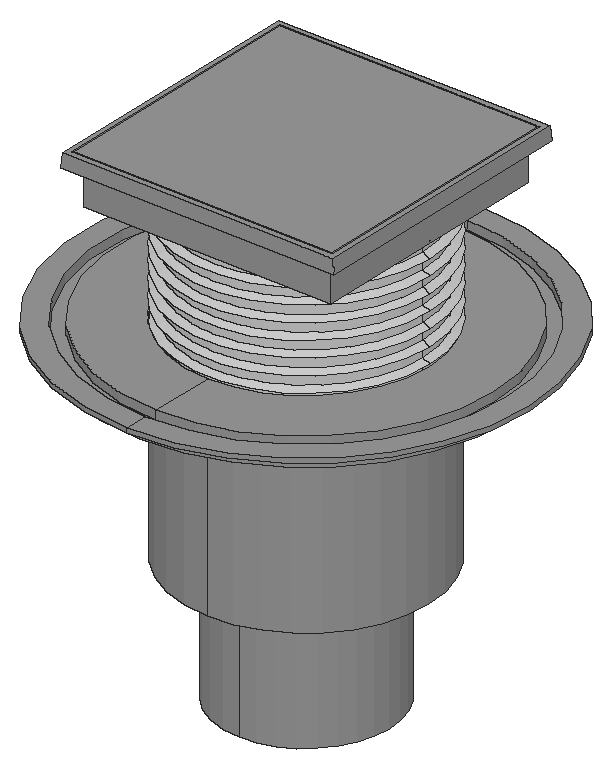
Revit family "_02HL_RU_Floor drain_HL310N-3000", category Instalační zařizovací předměty, Revit 2021
Family settings
  Kóta kulaté spojky = Použít průměr
  Typ dílu = Normální
  Číslo OmniClass = 23.70.50.21.24.14
  Nadpis OmniClass = Deck Waste Water Drains
  Založené na pracovní rovině = Ne
  Vždy vertikální = Ano
  Ořezat dutým tvarem při načtení = Ne
  Sdílené = Ano
  Bod výpočtu místnosti = Ano
Parameters (values of type "HL310N-3000")
  РЕШЁТКА = "115 x 115 mm / V2A"
  РАЗМЕР = "DN50/75/110"
  ПРОПУСКНАЯ СПОСОБНОСТЬ = 0.67 L/s
  ПРОИЗВОДИТЕЛЬНОСТЬ = "0,67 l/s"
  ПРАВОВАЯ ИНФОРМАЦИЯ = "Авторские права(©), права на дизайн или какие либо другие права интелектуальной собственности являются исключительной собственностью компании HL Hutterer & Lechner. Изменению не подлежит. Файл семейства с данными о прозводителе изделия защищен паролем с водяным знаком."  # constant formula
  Нормы = ""
  НОМИНАЛЬНЫЙ ДИАМЕТР [instance] = 75 mm
  НАСАДКА = "10-80 mm / 121 x 121mm / PP-V2A"
  МАТЕРИАЛ = "PE"
  МАКСИМАЛЬНАЯ НАГРУЗКА КЛАССА = "K3 - 300 kg"
  ВЫСОТА МОНТАЖА = "154 mm"
  ВЕС = "0,71 [kg]"
  EAN = "9003076016327"
  Výchozí výška = 0 mm
  DN_Test [instance] = if(or(НОМИНАЛЬНЫЙ ДИАМЕТР = 50 mm, НОМИНАЛЬНЫЙ ДИАМЕТР = 75 mm, НОМИНАЛЬНЫЙ ДИАМЕТР = 110 mm), 30 mm, 0 mm)  # 30 mm
  Přípoj ventilace = no
  Výrobce = "HL Hutterer & Lechner GmbH"  # constant formula
  URL = "http://www.hutterer-lechner.com/ru/Products/catalog/floor-drains/attachments/HL310N-3000.aspx"
  Přípoj odpadních dílů = yes
  Přípoj HW = no
  Popis = "Трап для внутренних помещений"
  Model = "HL310N-3000"
  Komentáře k typům = "HL310N-3000 Трап для внутренних помещений DN50/75/110 вертикальный с запахозапирающим устройством, 121х121мм KLICK-KLACK /115х115мм"
  Keynote = "HL310N-3000"
  Высота монтажа [instance] = 222.396 mm
  Přípoj CW = no
  B [instance] = if(НОМИНАЛЬНЫЙ ДИАМЕТР = 110 mm, Высота монтажа - 56 mm, Высота монтажа)  # 222.396 mm
  A [instance] = if(B - 100 mm > 15 mm, B - 100 mm, 15 mm)  # 122.396 mm
Reference planes
  plane 1 "Center (Front/Back)": y = 0
  plane 2: z = 0
  plane 3 "Center (Left/Right)": x = 0
  plane 4 "Ball Joint Vertical": x = 25.45
  plane 5: z = -222.396
  plane 6: z = -222.396
Lines and regions (mm)
  model lines, style "InvisibleLines"
    curve 1: line (0, 0, 0) -> (0, 0, 1000)
  reference lines
    curve 2: line (0, 0, 0) -> (0, 0, -222.396)
  model lines, detail levels coarse+medium
    curve 3: line (0, 0, -222.396) -> (0, 0, -100)
    curve 4: line (0, 0, -100) -> (100, 0, 0)
    curve 5: line (0, 0, -100) -> (-100, 0, 0)
  symbolic lines, detail levels coarse+medium
    curve 6: line (-75, -75, 0) -> (75, -75, 0)
    curve 7: line (-75, 75, 0) -> (-75, -75, 0)
    curve 8: line (75, 75, 0) -> (-75, 75, 0)
    curve 9: line (75, -75, 0) -> (75, 75, 0)
    curve 10: line (75, 75, 0) -> (145.711, 145.711, 0)
    curve 11: line (75, -75, 0) -> (145.711, -145.711, 0)
    curve 12: line (-75, -75, 0) -> (-145.711, -145.711, 0)
    curve 13: line (-75, 75, 0) -> (-145.711, 145.711, 0)
  symbolic lines, not visible, detail levels coarse+medium
    curve 14: line (-75, -75, 0) -> (75, -75, 0)
    curve 15: line (-75, 75, 0) -> (-75, -75, 0)
    curve 16: line (75, 75, 0) -> (-75, 75, 0)
    curve 17: line (75, -75, 0) -> (75, 75, 0)
    curve 18: line (75, 75, 0) -> (145.711, 145.711, 0)
    curve 19: line (75, -75, 0) -> (145.711, -145.711, 0)
    curve 20: line (-75, -75, 0) -> (-145.711, -145.711, 0)
    curve 21: line (-75, 75, 0) -> (-145.711, 145.711, 0)
  symbolic lines, style "InvisibleLines", not visible
    curve 22: line (0, 0, 0) -> (0, 0, -30)
Text (mm)
  text "FLOOR" at (-198.233, 0, -26.556), in view "вид строительства"
Dimensions and locks
  locked: plane 4 "Ball Joint Vertical" to plane 3 "Center (Left/Right)" at 25.45
  "Высота монтажа": plane 2 to plane 5
  "A": curve 5 to plane 6
  "B": curve 5 to plane 6
  "B": curve 4 to plane 6
  "B": plane 2 to plane 6
  "DN_Test": plane 2 to curve 22
  plane 2 to nested 2 = 71.396 mm
  locked: curve 4 to plane 3 "Center (Left/Right)" (angle 45.00°)
  locked: plane 3 "Center (Left/Right)" to curve 5 (angle 45.00°)
  aligned and locked: level to plane 2
  aligned and locked: plane 2 to curve 1
  aligned and locked: plane 3 "Center (Left/Right)" to curve 1
  aligned and locked: plane 3 "Center (Left/Right)" to curve 2
  aligned and locked: plane 3 "Center (Left/Right)" to curve 3
  aligned and locked: plane 3 "Center (Left/Right)" to curve 5
  aligned and locked: plane 2 to curve 2
  aligned and locked: plane 6 to curve 2
  aligned and locked: plane 6 to curve 3
  aligned and locked: plane 5 to nested 2  (x2)
Automatic sketch dimensions
  level to curve 1 = 1000 mm
Nested families
  nested 1: "HL-Насадка-HL3200" at (0, 0, 0), type "HL3200_Main Component"
    with Высота монтажа 80 mm, RN 13, RL 84.5 mm, R yes, NL_Test yes, NL 100 mm
  nested 2: "HL-Корпус для трапа внутренних помещений-HL310K" at (0, 0, -71.396), type "HL310K_Main Component"
  nested 3: "HL-Вкладыш сифона-HL0510.7EKK" at (0, 0, -6.3), type "HL0510.7EKK_Main Component"
  nested 4: "HL_Решётка_HL037Pr.1E" at (0, 0, 0), type "HL037Pr.1E_Main Component"
Connectors
  piping at (0, 0, -222.396), diameter 75, driven by "ПРОПУСКНАЯ СПОСОБНОСТЬ", driven by "НОМИНАЛЬНЫЙ ДИАМЕТР"
    settings: on curve 2, index 1, connector inside diameter 609.6 mm, connector length 0 mm, flow factor 0, pipe flow 0.67 L/s, pressure drop 0.0 Pa, fitting loss kfactor 0, connector angle 0.00°, fixture units 0, engagement length 0 mm, angle of deflection 0.00°, flow configuration 1, flow direction 2, fitting loss method 0, system type 16, joint type 0, gender type 0, connector reference index -1, connector utility 0, adjustable connector no, is connector primary yes, connector description ""
Definition of nested family "HL-Насадка-HL3200"
  Parameters (values of type "HL3200")
    РАЗМЕР = "d 110 mm"
    ПРАВОВАЯ ИНФОРМАЦИЯ = "Авторские права(©), права на дизайн или какие либо другие права интелектуальной собственности являются исключительной собственностью компании HL Hutterer & Lechner. Изменению не подлежит. Файл семейства с данными о прозводителе изделия защищен паролем с водяным знаком."  # constant formula
    НАСАДКА = "121 x 121 mm"
    МАТЕРИАЛ = "PP-V2A"
    Высота монтажа [instance] = 80 mm
    ВЫСОТА МОНТАЖА = "10 - 80 mm"
    ВЕС = "0,13 [kg]"
    Waste Connection = yes
    Default Elevation = 0 mm
    Vent Connection = no
    RD = 6.5 mm  # constant formula
    R [instance] = ((Высота монтажа - NL_Min) / RD - 1) > 2  # yes
    RL [instance] = if(Высота монтажа < 26 mm, 1 mm, RD * RN)  # 84.5 mm
    NL_Test [instance] = and(or(Высота монтажа < NL_Max, Высота монтажа = NL_Max), or(Высота монтажа > NL_Min, Высота монтажа = NL_Min))  # yes
    NL_Min = 10 mm
    NL_Max = 80 mm
    NL [instance] = if(NL_Test, Высота монтажа + 20 mm, 0 mm)  # 100 mm
    RN [instance] = if((Высота монтажа + 20 mm - NL_Min) / RD - 1 < 2, 2, (Высота монтажа + 20 mm - NL_Min) / RD - 1)  # 13
    Manufacturer = "HL Hutterer & Lechner GmbH"  # constant formula
    URL = "http://www.hutterer-lechner.com/ru/Products/catalog/floor-drains/attachments/HL3200.aspx"
    HW Connection = no
    Description = "Трапы для внутренних помещений - Комплектующие"
    Model = "HL3200"
    Type Comments = "HL3200 Насадные подрамники d 110/подрамники из нержавеющей стали (V2A) 121х121мм с О-кольцом. Система \"KLICK-KLACK\""
    Keynote = "HL3200"
    EAN = "9003076015399"
    CW Connection = no
  Reference planes
    plane 1 "Center (Front/Back)": y = 0
    plane 2: z = 0
    plane 3 "Center (Left/Right)": x = 0
    plane 4 "Ball Joint Vertical": x = 25.45
    plane 5: z = -100
  Forms (mm)
    Sweep 1, solid, detail levels fine
      path origin (0, 0, 0) x (1, 0, 0) y (0, 1, 0)
        loop
          line (-60.806, 60.806) -> (-60.806, -60.806) -> (60.806, -60.806) -> (60.806, 60.806) -> (-60.806, 60.806)
      profile origin (0, 60.806, 0) x (0, 1, 0) y (0, 0, 1)
        loop
          line (-2.806, 0) -> (-2.806, -5.3) -> (-6.306, -5.3) -> (-6.306, -8.3) -> (-9.767, -8.3) -> (-9.767, -21.997) -> (-5.806, -21.997) -> (-5.806, -6) -> (0, -6) -> (-0.525, 0) -> (-2.806, 0)
    Extrusion 2, solid, detail levels fine
      sketch origin (0, 0, 0) x (1, 0, 0) y (0, 1, 0)
        loop
          circle (0, 0) r 50
        loop
          line (-51.039, 51.039) -> (-51.039, -51.039) -> (51.039, -51.039) -> (51.039, 51.039) -> (-51.039, 51.039)
      from -19 to -21.997
    Revolve 3, solid, detail levels fine
      sketch origin (0, 0, 0) x (1, 0, 0) y (0, 0, 1)
        loop
          line (50, -21.997) -> (50, -100) -> (51.861, -100) -> (51.861, -21.997) -> (50, -21.997)
        axis (0, -21.997) -> (0, -100)
      angle from 0 to 360
  Lines and regions (mm)
    symbolic lines
      curve 1: line (0, 0, -100) -> (0, 0, 0)
    model lines
      curve 2: line (0, 0, 0) -> (0, 0, 100)
  Text (mm)
    text "ROOF/FLOOR" at (-198.233, 0, -26.556), in view "Drain Construction View"
  Dimensions and locks
    locked: plane 4 "Ball Joint Vertical" to plane 3 "Center (Left/Right)" at 25.45
    "NL": plane 2 to plane 5
    equal spacing: group 1, group 3, group 4, group 5, group 6, group 7, group 8, group 9, group 10, group 11, group 12, group 13, group 2  (x3)
    "RL": nested 2 to nested 1
    locked: nested 1 to plane 5 at 1.516
    aligned and locked: level to plane 2
    aligned and locked: plane 3 "Center (Left/Right)" to nested 1
    aligned and locked: plane 1 "Center (Front/Back)" to nested 1
    aligned and locked: plane 2 to curve 1
    aligned and locked: plane 5 to curve 1
    aligned and locked: Sweep 1 to Revolve 3 sketch curve
    aligned and locked: plane 5 to Revolve 3 sketch curve
  Automatic sketch dimensions
    Sweep 1 sketch curve to plane 3 "Center (Left/Right)" = 60.806 mm
    plane 4 "Ball Joint Vertical" to Sweep 1 sketch curve = 35.356 mm
    plane 1 "Center (Front/Back)" to Sweep 1 sketch curve = 60.806 mm
    Sweep 1 sketch curve to plane 1 "Center (Front/Back)" = 60.806 mm
    Sweep 1 sketch curve to profile plane = 0 mm  (x2)
    profile plane to Sweep 1 sketch curve = 0.525 mm
    Sweep 1 sketch curve to Sweep 1 sketch curve = 2.281 mm
    Sweep 1 sketch curve to Sweep 1 sketch curve = 3 mm  (x2)
    Sweep 1 sketch curve to Sweep 1 sketch curve = 0.5 mm
    Sweep 1 sketch curve to Sweep 1 sketch curve = 3.461 mm
    Sweep 1 sketch curve to profile plane = 5.3 mm
    Sweep 1 sketch curve to Sweep 1 sketch curve = 0.7 mm
    Sweep 1 sketch curve to Sweep 1 sketch curve = 13.697 mm
    plane 1 "Center (Front/Back)" to Extrusion 2 sketch curve = 0 mm
    Extrusion 2 sketch curve to plane 3 "Center (Left/Right)" = 0 mm
    Extrusion 2 sketch curve to plane 3 "Center (Left/Right)" = 51.039 mm
    plane 4 "Ball Joint Vertical" to Extrusion 2 sketch curve = 25.589 mm
    plane 1 "Center (Front/Back)" to Extrusion 2 sketch curve = 51.039 mm
    Extrusion 2 sketch curve to plane 1 "Center (Front/Back)" = 51.039 mm
    Revolve 3 sketch curve to plane 3 "Center (Left/Right)" = 0 mm
    plane 4 "Ball Joint Vertical" to Revolve 3 sketch curve = 24.55 mm
    Revolve 3 sketch curve to Revolve 3 sketch curve = 1.861 mm
    Revolve 3 sketch curve to level = 13.456 mm
    level to Revolve 3 sketch curve = 16.544 mm
    curve 2 to plane 3 "Center (Left/Right)" = 0 mm
    level to curve 2 = 100 mm
    radius of Extrusion 2 sketch curve = 50 mm
  Nested families
    nested 1: "Ring" at (0, 0, -98.484), visible <- "R", type "Ring"
    nested 2: "Ring" at (0, 0, -13.984), visible <- "R", type "Ring"
    nested 3: "Ring" at (0, 0, -91.442), visible <- "R", type "Ring"
    nested 4: "Ring" at (0, 0, -84.401), visible <- "R", type "Ring"
    nested 5: "Ring" at (0, 0, -77.359), visible <- "R", type "Ring"
    nested 6: "Ring" at (0, 0, -70.317), visible <- "R", type "Ring"
    nested 7: "Ring" at (0, 0, -63.276), visible <- "R", type "Ring"
    nested 8: "Ring" at (0, 0, -56.234), visible <- "R", type "Ring"
    nested 9: "Ring" at (0, 0, -49.192), visible <- "R", type "Ring"
    nested 10: "Ring" at (0, 0, -42.151), visible <- "R", type "Ring"
    nested 11: "Ring" at (0, 0, -35.109), visible <- "R", type "Ring"
    nested 12: "Ring" at (0, 0, -28.067), visible <- "R", type "Ring"
    nested 13: "Ring" at (0, 0, -21.026), visible <- "R", type "Ring"
  Definition of nested family "Ring"
    Parameters (values of type "Ring")
      Manufacturer = ""
      Default Elevation = 0 mm
      URL = ""
      R = D / 2  # 51.5 mm
      Description = ""
      Model = ""
      Material = none
      Type Comments = ""
      D = 103 mm
      Cost = 0
    Reference planes
      plane 1 "Střed (vpředu/vzadu)": y = 0
      plane 2: z = 0
      plane 3 "Střed (vlevo/vpravo)": x = 0
    Forms (mm)
      Revolve 1, solid, material <- "Material", detail levels fine
        sketch origin (0, 0, 0) x (1, 0, 0) y (0, 0, 1)
          loop
            line (-51.5, 1.482) -> (-54.764, 0) -> (-51.5, -1.516) -> (-51.5, 1.482)
          axis (0, 1.482) -> (0, -1.516)
        angle from 0 to 360
    Dimensions and locks
      "R": Revolve 1 sketch curve to plane 3 "Střed (vlevo/vpravo)"
      aligned and locked: level to plane 2
      aligned and locked: Revolve 1 sketch curve to plane 3 "Střed (vlevo/vpravo)"
    Automatic sketch dimensions
      Revolve 1 sketch curve to level = 0 mm
      Revolve 1 sketch curve to Revolve 1 sketch curve = 3.264 mm
      Revolve 1 sketch curve to level = 1.516 mm
      level to Revolve 1 sketch curve = 1.482 mm
      Revolve 1 sketch curve to level = 381 mm
      Revolve 1 sketch curve to Revolve 1 sketch curve = 2212.833 mm
Definition of nested family "HL-Корпус для трапа внутренних помещений-HL310K"
  Parameters (values of type "HL310K")
    РАЗМЕР = "DN50/75/110"
    ПРАВОВАЯ ИНФОРМАЦИЯ = "Авторские права(©), права на дизайн или какие либо другие права интелектуальной собственности являются исключительной собственностью компании HL Hutterer & Lechner. Изменению не подлежит. Файл семейства с данными о прозводителе изделия защищен паролем с водяным знаком."  # constant formula
    МАТЕРИАЛ = "PP"
    ВЫСОТА МОНТАЖА = "148 mm"
    ВЕС = "0,173 [kg]"
    Waste Connection = yes
    Default Elevation = 0 mm
    Vent Connection = no
    Manufacturer = "HL Hutterer & Lechner GmbH"  # constant formula
    URL = "https://www.hutterer-lechner.com/ru/products/catalog/Floor-drains/vertical/flange/HL310K.aspx"
    Assembly Code = ""
    HW Connection = no
    Description = "Трап для внутренних помещений"
    Model = "HL310K"
    Type Comments = "Корпус трапа для внутренних помещений DN50/75/110 вертикальный"
    Keynote = "HL310K"
    EAN = "9003076001781"
    CW Connection = no
  Reference planes
    plane 1 "Center (Front/Back)": y = 0
    plane 2: z = 0
    plane 3 "Center (Left/Right)": x = 0
    plane 4 "Ball Joint Vertical": x = 25.45
  Forms (mm)
    Revolve 1, solid, detail levels fine
      sketch origin (0, 0, 0) x (0, 1, 0) y (0, 0, 1)
        loop
          line (55.057, 0) -> (55.057, -20) -> (52.707, -20) -> (52.707, -92.996) -> (22.706, -92.996) -> (22.706, -95.159) -> (22.706, -151) -> (24.707, -151) -> (24.707, -95.159) -> (35.206, -95.159) -> (35.206, -151) -> (37.207, -151) -> (37.207, -95) -> (54.705, -95) -> (54.705, -24) -> (58.059, -24) -> (58.059, -7.5) -> (92.707, -7.5) -> (92.707, -2) -> (99.706, -2) -> (99.706, 0) -> (89.707, 0) -> (89.707, -4) -> (83.707, -4) -> (83.707, 0) -> (55.057, 0)
        axis (0, 0) -> (0, -151)
      angle from 0 to 360
  Text (mm)
    text "ROOF/FLOOR" at (-198.233, 0, -26.556), in view "вид строительства"
  Dimensions and locks
    locked: plane 4 "Ball Joint Vertical" to plane 3 "Center (Left/Right)" at 25.45
    aligned and locked: level to plane 2
Definition of nested family "HL-Вкладыш сифона-HL0510.7EKK"
  Parameters (values of type "HL0510.7EKK")
    ПРАВОВАЯ ИНФОРМАЦИЯ = "Авторские права(©), права на дизайн или какие либо другие права интелектуальной собственности являются исключительной собственностью компании HL Hutterer & Lechner. Изменению не подлежит. Файл семейства с данными о прозводителе изделия защищен паролем с водяным знаком."  # constant formula
    МАТЕРИАЛ = "PP"
    ВЕС = "0,08 [kg]"
    Waste Connection = yes
    Default Elevation = 0 mm
    Vent Connection = no
    Manufacturer = "HL Hutterer & Lechner GmbH"  # constant formula
    URL = "http://www.hutterer-lechner.com/ru/products/catalog/floor-drains/attachments/HL0510.7ekk.aspx"
    HW Connection = no
    Description = "Трапы для внутренних помещений - Комплектующие"
    Model = "HL0510.7EKK"
    Type Comments = "HL0510.7EKK Вкладыш запахозапирающий комплектный для системы \"KLICK-KLACK\""
    Keynote = "HL0510.7EKK"
    EAN = "9003076015832"
    CW Connection = no
  Reference planes
    plane 1 "Center (Front/Back)": y = 0
    plane 2: z = 0
    plane 3 "Center (Left/Right)": x = 0
    plane 4 "Ball Joint Vertical": x = 25.45
  Forms (mm)
    Revolve 1, solid, detail levels fine
      sketch origin (0, 0, 0) x (0, 1, 0) y (0, 0, 1)
        loop
          line (53, 0) -> (45, 0) -> (45, -26.014) -> (43.906, -33.62) -> (43.1, -33.62) -> (43.1, -68.2) -> (20, -68.2) -> (20, -11) -> (18.2, -11) -> (18.2, -70) -> (45, -70) -> (45, -36) -> (48.9, -36) -> (48.9, -14) -> (49.7, -14) -> (49.7, -2) -> (53, -2) -> (53, 0)
        loop
          line (36.005, -61) -> (36.005, -2)
          arc (36.005, -2) -> (35.419, -0.586) -> (34.005, 0) r 2
          line (34.005, 0) -> (0, 0) -> (0, -1.8) -> (34.207, -1.8) -> (34.207, -61) -> (36.005, -61)
        axis (0, 0) -> (0, -70)
      angle from 0 to 360
    Extrusion 2, solid, detail levels fine
      sketch origin (0, 0, 0) x (1, 0, 0) y (0, 1, 0)
        loop
          line (4, 23) -> (-4, 23) -> (-4, 5.7) -> (-24.1, 5.7) -> (-24.1, -5.7) -> (-4, -5.7) -> (-4, -23) -> (4, -23) -> (4, -5.7) -> (24.1, -5.7) -> (24.1, 5.7) -> (4, 5.7) -> (4, 23)
      from -82.5 to -81
    Extrusion 3, solid, detail levels fine
      sketch origin (0, 0, 0) x (1, 0, 0) y (0, 1, 0)
        loop
          line (-18.9, 5.7) -> (-24.1, 5.7) -> (-24.1, -5.7) -> (-18.9, -5.7) -> (-18.9, 5.7)
        loop
          line (18.9, 5.7) -> (18.9, -5.7) -> (24.1, -5.7) -> (24.1, 5.7) -> (18.9, 5.7)
      from -81 to -70
    Revolve 4, solid, detail levels fine
      sketch origin (0, 0, 0) x (0, 1, 0) y (0, 0, 1)
        loop
          line (49.7, -6.568) -> (49.7, -11.432)
          arc (49.7, -11.432) -> (51.625, -9) -> (49.7, -6.568) r 2.498
        axis (0, -6.568) -> (0, -11.432)
      angle from 0 to 360
  Cuts and joins
    joined: Revolve 1, Extrusion 2, Extrusion 3
  Text (mm)
    text "ROOF/FLOOR" at (-198.233, 0, -26.556), in view "Drain Construction View"
  Dimensions and locks
    locked: plane 4 "Ball Joint Vertical" to plane 3 "Center (Left/Right)" at 25.45
    aligned and locked: level to plane 2
Definition of nested family "HL_Решётка_HL037Pr.1E"
  Parameters (values of type "HL037Pr.1E")
    РАЗМЕР = "115x115mm"
    ПРАВОВАЯ ИНФОРМАЦИЯ = "Авторские права(©), права на дизайн или какие либо другие права интелектуальной собственности являются исключительной собственностью компании HL Hutterer & Lechner. Изменению не подлежит. Файл семейства с данными о прозводителе изделия защищен паролем с водяным знаком."  # constant formula
    МАТЕРИАЛ = "V2A"
    МАКСИМАЛЬНАЯ НАГРУЗКА КЛАССА = "K3 - 300 kg"
    ВЕС = "0,15 [kg]"
    Waste Connection = yes
    Default Elevation = 0 mm
    Vent Connection = no
    Manufacturer = "HL Hutterer & Lechner GmbH"  # constant formula
    URL = "http://www.hutterer-lechner.com/ru/products/catalog/floor-drains/attachments/HL037pr.1e.aspx"
    HW Connection = no
    Description = "Трапы для внутренних помещений - Комплектующие"
    Model = "HL037Pr.1E"
    Type Comments = "HL037Pr.1E Решётка из нержавеющей стали 115х115 мм"
    Keynote = "HL037Pr.1E"
    EAN = "9003076028474"
    CW Connection = no
  Reference planes
    plane 1 "Center (Front/Back)": y = 0
    plane 2: z = 0
    plane 3 "Center (Left/Right)": x = 0
    plane 4 "Ball Joint Vertical": x = 25.45
  Forms (mm)
    Extrusion 1, solid, detail levels fine
      sketch origin (0, 0, 0) x (1, 0, 0) y (0, 1, 0)
        loop
          line (57.5, 57.5) -> (-57.5, 57.5) -> (-57.5, -57.5) -> (57.5, -57.5) -> (57.5, 57.5)
      from 0 to -5
  Lines and regions (mm)
    model lines, detail levels fine
      curve 1: spline (-13.927, 0, 0) -> (-13.452, 1.165, 0) -> (-12.061, 2.25, 0) -> (-9.848, 3.182, 0) -> (-6.964, 3.897, 0) -> (-3.605, 4.347, 0) -> (0, 4.5, 0) -> (3.605, 4.347, 0) -> (6.964, 3.897, 0) -> (9.848, 3.182, 0) -> (12.061, 2.25, 0) -> (13.452, 1.165, 0) -> (13.927, 0, 0) -> (13.452, -1.165, 0) -> (12.061, -2.25, 0) -> (9.848, -3.182, 0) -> (6.964, -3.897, 0) -> (3.605, -4.347, 0) -> (0, -4.5, 0) -> (-3.605, -4.347, 0) -> (-6.964, -3.897, 0) -> (-9.848, -3.182, 0) -> (-12.061, -2.25, 0) -> (-13.452, -1.165, 0) -> (-13.927, 0, 0)
      curve 2: line (-5.9, 0.4, 0) -> (-11.9, 0.4, 0)
      curve 3: line (-3.65, -2, 0) -> (-3.65, 2, 0)
      curve 4: arc (-3.65, 2, 0) -> (-3.15, 2.5, 0) -> (-2.65, 2, 0) r 0.5
      curve 5: line (-2.65, 2, 0) -> (-2.65, 0.5, 0)
      curve 6: line (-2.65, 0.5, 0) -> (-0.65, 0.5, 0)
      curve 7: line (-0.65, 0.5, 0) -> (-0.65, 2, 0)
      curve 8: arc (-0.65, 2, 0) -> (-0.15, 2.5, 0) -> (0.35, 2, 0) r 0.5
      curve 9: line (0.35, 2, 0) -> (0.35, -2, 0)
      curve 10: arc (0.35, -2, 0) -> (-0.15, -2.5, 0) -> (-0.65, -2, 0) r 0.5
      curve 11: line (-0.65, -2, 0) -> (-0.65, -0.5, 0)
      curve 12: line (-0.65, -0.5, 0) -> (-2.65, -0.5, 0)
      curve 13: line (-2.65, -0.5, 0) -> (-2.65, -2, 0)
      curve 14: arc (-2.65, -2, 0) -> (-3.15, -2.5, 0) -> (-3.65, -2, 0) r 0.5
      curve 15: line (1.85, -2, 0) -> (1.85, 2, 0)
      curve 16: arc (1.85, 2, 0) -> (1.996, 2.354, 0) -> (2.35, 2.5, 0) r 0.5
      curve 17: arc (2.35, 2.5, 0) -> (2.704, 2.354, 0) -> (2.85, 2, 0) r 0.5
      curve 18: line (2.85, 2, 0) -> (2.85, -1, 0)
      curve 19: arc (2.85, -1, 0) -> (2.996, -1.354, 0) -> (3.35, -1.5, 0) r 0.5
      curve 20: line (3.35, -1.5, 0) -> (4.35, -1.5, 0)
      curve 21: arc (4.35, -1.5, 0) -> (4.85, -2, 0) -> (4.35, -2.5, 0) r 0.5
      curve 22: line (4.35, -2.5, 0) -> (2.35, -2.5, 0)
      curve 23: arc (2.35, -2.5, 0) -> (1.996, -2.354, 0) -> (1.85, -2, 0) r 0.5
      curve 24: line (12.1, 0.4, 0) -> (6.1, 0.4, 0)
      curve 25: line (-5.9, -0.4, 0) -> (-11.9, -0.4, 0)
      curve 26: line (12.1, -0.4, 0) -> (6.1, -0.4, 0)
      curve 27: line (-5.9, 0.4, 0) -> (-5.9, -0.4, 0)
      curve 28: line (-11.9, 0.4, 0) -> (-11.9, -0.4, 0)
      curve 29: line (6.1, 0.4, 0) -> (6.1, -0.4, 0)
      curve 30: line (12.1, 0.4, 0) -> (12.1, -0.4, 0)
      curve 31: arc (38.029, -24.059, 0) -> (45, 0, 0) -> (38.029, 24.059, 0) r 45
      curve 32: arc (38.029, 24.059, 0) -> (35.09, 25.896, 0) -> (31.82, 24.749, 0) r 4
      curve 33: arc (31.82, 24.749, 0) -> (30.673, 22.362, 0) -> (31.268, 19.782, 0) r 4
      curve 34: arc (31.268, 19.782, 0) -> (37, 0, 0) -> (31.268, -19.782, 0) r 37
      curve 35: arc (31.268, -19.782, 0) -> (30.673, -22.362, 0) -> (31.82, -24.749, 0) r 4
      curve 36: arc (31.82, -24.749, 0) -> (35.09, -25.896, 0) -> (38.029, -24.059, 0) r 4
      curve 37: arc (24.059, 38.029, 0) -> (0, 45, 0) -> (-24.059, 38.029, 0) r 45
      curve 38: arc (-24.059, 38.029, 0) -> (-25.896, 35.09, 0) -> (-24.749, 31.82, 0) r 4
      curve 39: arc (-24.749, 31.82, 0) -> (-22.362, 30.673, 0) -> (-19.782, 31.268, 0) r 4
      curve 40: arc (-19.782, 31.268, 0) -> (0, 37, 0) -> (19.782, 31.268, 0) r 37
      curve 41: arc (19.782, 31.268, 0) -> (22.362, 30.673, 0) -> (24.749, 31.82, 0) r 4
      curve 42: arc (24.749, 31.82, 0) -> (25.896, 35.09, 0) -> (24.059, 38.029, 0) r 4
      curve 43: arc (24.059, -38.029, 0) -> (0, -45, 0) -> (-24.059, -38.029, 0) r 45
      curve 44: arc (-24.059, -38.029, 0) -> (-25.896, -35.09, 0) -> (-24.749, -31.82, 0) r 4
      curve 45: arc (-24.749, -31.82, 0) -> (-22.362, -30.673, 0) -> (-19.782, -31.268, 0) r 4
      curve 46: arc (-19.782, -31.268, 0) -> (0, -37, 0) -> (19.782, -31.268, 0) r 37
      curve 47: arc (19.782, -31.268, 0) -> (22.362, -30.673, 0) -> (24.749, -31.82, 0) r 4
      curve 48: arc (24.749, -31.82, 0) -> (25.896, -35.09, 0) -> (24.059, -38.029, 0) r 4
      curve 49: arc (-38.029, -24.059, 0) -> (-45, 0, 0) -> (-38.029, 24.059, 0) r 45
      curve 50: arc (-38.029, 24.059, 0) -> (-35.09, 25.896, 0) -> (-31.82, 24.749, 0) r 4
      curve 51: arc (-31.82, 24.749, 0) -> (-30.673, 22.362, 0) -> (-31.268, 19.782, 0) r 4
      curve 52: arc (-31.268, 19.782, 0) -> (-37, 0, 0) -> (-31.268, -19.782, 0) r 37
      curve 53: arc (-31.268, -19.782, 0) -> (-30.673, -22.362, 0) -> (-31.82, -24.749, 0) r 4
      curve 54: arc (-31.82, -24.749, 0) -> (-35.09, -25.896, 0) -> (-38.029, -24.059, 0) r 4
    model lines
      curve 55: line (0, 0, 0) -> (0, 0, 100)
  Text (mm)
    text "ROOF/FLOOR" at (-198.233, 0, -26.556), in view "Drain Construction View"
  Dimensions and locks
    locked: plane 4 "Ball Joint Vertical" to plane 3 "Center (Left/Right)" at 25.45
    aligned and locked: level to plane 2
